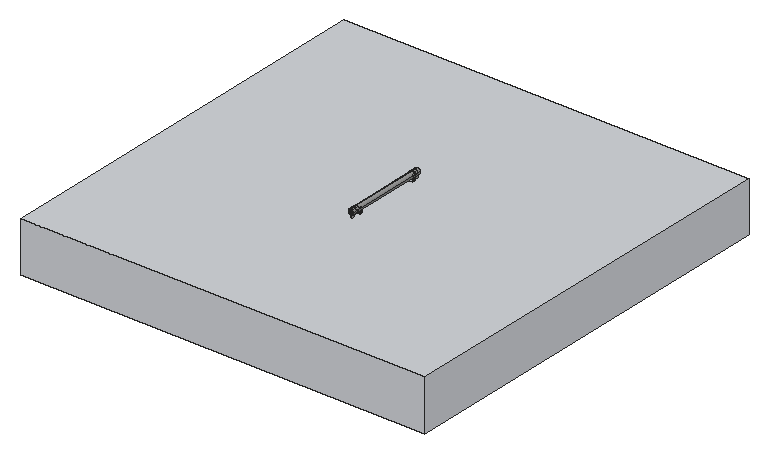
Revit family "L-line A 0.5", category Осветительные приборы, Revit 2017 (continued)
Types (6, lengths in mm): name | Wattage | built-in parameter 1150134 | Файл фотометрической сетки | built-in parameter 1150142 | built-in parameter 1150105 | Lumens | built-in parameter 1150107 | built-in parameter 1150106 | Артикул
  L-line A 0.5 3.0K Д (матовый) | 10.2934 W | (empty or 0) | "L-line A 0.5-14-D-3.0K-03.ies" | "IESNA:LM-63-1995\r\n[TEST]LEDEL\r\n[DATA]28.10.2017\r\n[MANUFAC]LEDEL\r\n[LUMCAT]L-line A 0.5/14/Д/3.0K/03\r\n[LUMINAIRE]Предназначен  для  архитектурной и декоративной  подсветки\r\n[LAMPCAT]LED\r\n[LAMP]OSRAM DURIS \r\nTILT=NONE\r\n\r\n\r\n1 1529  0.5525840260209  37 19 1 2 0.5 0.042 0.043\r\n\r\n1 1 14.4\r\n\r\n 0 2.5 5 7.5 10 12.5 15 17.5 20 22.5 25 27.5 30 32.5 35 37.5 40 42.5 45 47.5\r\n 50 52.5 55 57.5 60 62.5 65 67.5 70 72.5 75 77.5 80 82.5 85 87.5 90\r\n\r\n  0 10 20 30 40 50 60 70 80 90 100 110 120 130 140 150\r\n  160 170 180\r\n\r\n  819 818 817 812 806 800 789 778 765 751 734 717 699 679 658\r\n  637 616 591 568 544 521 496 469 446 421 396 372 347 324 300\r\n  277 257 234 216 195 177 160\r\n  819 819 817 812 810 803 795 787 775 765 754 740 726 711 696\r\n  679 663 643 626 607 586 567 548 529 511 491 469 446 422 400\r\n  378 355 337 317 299 281 263\r\n  808 806 806 803 797 792 784 776 765 755 742 729 714 700 683\r\n  667 649 630 611 591 570 551 528 509 487 468 447 425 403 384\r\n  362 343 321 303 283 264 248\r\n  800 800 797 795 789 784 774 764 755 743 729 715 700 681 665\r\n  647 629 609 586 566 547 526 507 484 466 444 422 402 381 360\r\n  338 319 299 280 263 244 229\r\n  811 811 809 804 799 793 783 773 762 748 734 719 702 685 666\r\n  644 625 602 582 560 536 515 492 466 445 421 400 378 354 333\r\n  312 292 271 251 232 215 198\r\n  819 818 817 812 806 800 789 778 765 751 734 717 699 679 658\r\n  637 616 591 568 544 521 496 469 446 421 396 372 347 324 300\r\n  277 257 234 216 195 177 160\r\n  820 819 818 812 806 800 789 778 764 748 732 714 693 674 652\r\n  629 606 578 556 528 502 477 450 422 395 368 340 313 288 263\r\n  238 214 192 172 151 135 118\r\n  822 821 820 815 809 800 789 777 762 747 729 710 690 667 645\r\n  621 595 567 540 514 485 459 429 402 371 344 313 283 255 226\r\n  200 175 151 128 108 91 76\r\n  825 821 820 815 809 800 788 775 761 745 727 706 685 663 639\r\n  614 588 561 533 504 471 438 410 378 348 317 288 255 224 193\r\n  163 133 107 84 64 46 35\r\n  820 821 818 814 806 797 786 774 759 743 723 705 685 659 636\r\n  610 584 557 527 500 469 441 412 381 351 319 287 253 217 185\r\n  152 120 90 63 39 22 14\r\n  825 822 819 812 805 796 785 771 754 737 720 700 679 655 630\r\n  606 578 552 525 496 469 438 410 379 347 316 285 252 222 189\r\n  159 129 103 80 60 42 31\r\n  822 821 817 811 806 796 786 773 756 739 722 701 682 659 635\r\n  611 586 559 533 504 477 448 419 390 360 330 300 271 241 216\r\n  188 162 138 118 99 83 66\r\n  820 819 815 810 803 795 784 771 756 740 723 707 688 665 642\r\n  619 597 572 545 518 493 466 438 411 383 355 329 301 274 250\r\n  225 203 181 161 141 126 109\r\n  819 818 814 810 803 795 786 773 759 746 731 714 694 674 655\r\n  633 611 587 563 540 515 488 463 437 412 386 362 338 313 289\r\n  267 247 225 206 187 169 152\r\n  811 811 806 802 795 788 779 770 756 743 729 713 696 677 658\r\n  638 617 595 573 550 528 504 480 458 433 411 387 364 343 320\r\n  299 279 258 240 222 203 186\r\n  800 800 800 795 787 780 773 765 756 741 723 708 693 677 658\r\n  641 619 599 579 558 536 515 493 472 452 429 408 386 367 345\r\n  324 306 288 267 249 231 215\r\n  808 807 805 803 797 789 783 774 764 753 739 727 712 697 680\r\n  660 642 623 604 584 562 541 521 499 477 455 435 413 393 373\r\n  353 332 313 292 274 257 240\r\n  819 819 817 812 810 803 795 786 774 763 753 739 726 708 693\r\n  675 658 641 620 601 583 562 540 519 499 477 454 435 413 390\r\n  370 349 329 311 294 274 256\r\n  819 818 814 810 803 795 786 773 759 746 731 714 694 674 655\r\n  633 611 587 563 540 515 488 463 437 412 386 362 338 313 289\r\n  267 247 225 206 187 169 152\r\n\r" | 121.67 (stored number, unit not read) | 1529 lm | 3000 (stored number, unit not read) | 1.2167 (stored number, unit not read) | "712101400833100"
  L-line A 0.5 4.0K Д (матовый) | 10.2934 W | 12 | "L-line A 0.5-14-D-4.0K-03.ies" | "IESNA:LM-63-1995\r\n[TEST]LEDEL\r\n[DATA]28.10.2017\r\n[MANUFAC]LEDEL\r\n[LUMCAT]L-line A 0.5/14/Д/3.0K/03\r\n[LUMINAIRE]Предназначен  для  архитектурной и декоративной  подсветки\r\n[LAMPCAT]LED\r\n[LAMP]OSRAM DURIS \r\nTILT=NONE\r\n\r\n\r\n1 1529  0.5525840260209  37 19 1 2 0.5 0.042 0.043\r\n\r\n1 1 14.4\r\n\r\n 0 2.5 5 7.5 10 12.5 15 17.5 20 22.5 25 27.5 30 32.5 35 37.5 40 42.5 45 47.5\r\n 50 52.5 55 57.5 60 62.5 65 67.5 70 72.5 75 77.5 80 82.5 85 87.5 90\r\n\r\n  0 10 20 30 40 50 60 70 80 90 100 110 120 130 140 150\r\n  160 170 180\r\n\r\n  819 818 817 812 806 800 789 778 765 751 734 717 699 679 658\r\n  637 616 591 568 544 521 496 469 446 421 396 372 347 324 300\r\n  277 257 234 216 195 177 160\r\n  819 819 817 812 810 803 795 787 775 765 754 740 726 711 696\r\n  679 663 643 626 607 586 567 548 529 511 491 469 446 422 400\r\n  378 355 337 317 299 281 263\r\n  808 806 806 803 797 792 784 776 765 755 742 729 714 700 683\r\n  667 649 630 611 591 570 551 528 509 487 468 447 425 403 384\r\n  362 343 321 303 283 264 248\r\n  800 800 797 795 789 784 774 764 755 743 729 715 700 681 665\r\n  647 629 609 586 566 547 526 507 484 466 444 422 402 381 360\r\n  338 319 299 280 263 244 229\r\n  811 811 809 804 799 793 783 773 762 748 734 719 702 685 666\r\n  644 625 602 582 560 536 515 492 466 445 421 400 378 354 333\r\n  312 292 271 251 232 215 198\r\n  819 818 817 812 806 800 789 778 765 751 734 717 699 679 658\r\n  637 616 591 568 544 521 496 469 446 421 396 372 347 324 300\r\n  277 257 234 216 195 177 160\r\n  820 819 818 812 806 800 789 778 764 748 732 714 693 674 652\r\n  629 606 578 556 528 502 477 450 422 395 368 340 313 288 263\r\n  238 214 192 172 151 135 118\r\n  822 821 820 815 809 800 789 777 762 747 729 710 690 667 645\r\n  621 595 567 540 514 485 459 429 402 371 344 313 283 255 226\r\n  200 175 151 128 108 91 76\r\n  825 821 820 815 809 800 788 775 761 745 727 706 685 663 639\r\n  614 588 561 533 504 471 438 410 378 348 317 288 255 224 193\r\n  163 133 107 84 64 46 35\r\n  820 821 818 814 806 797 786 774 759 743 723 705 685 659 636\r\n  610 584 557 527 500 469 441 412 381 351 319 287 253 217 185\r\n  152 120 90 63 39 22 14\r\n  825 822 819 812 805 796 785 771 754 737 720 700 679 655 630\r\n  606 578 552 525 496 469 438 410 379 347 316 285 252 222 189\r\n  159 129 103 80 60 42 31\r\n  822 821 817 811 806 796 786 773 756 739 722 701 682 659 635\r\n  611 586 559 533 504 477 448 419 390 360 330 300 271 241 216\r\n  188 162 138 118 99 83 66\r\n  820 819 815 810 803 795 784 771 756 740 723 707 688 665 642\r\n  619 597 572 545 518 493 466 438 411 383 355 329 301 274 250\r\n  225 203 181 161 141 126 109\r\n  819 818 814 810 803 795 786 773 759 746 731 714 694 674 655\r\n  633 611 587 563 540 515 488 463 437 412 386 362 338 313 289\r\n  267 247 225 206 187 169 152\r\n  811 811 806 802 795 788 779 770 756 743 729 713 696 677 658\r\n  638 617 595 573 550 528 504 480 458 433 411 387 364 343 320\r\n  299 279 258 240 222 203 186\r\n  800 800 800 795 787 780 773 765 756 741 723 708 693 677 658\r\n  641 619 599 579 558 536 515 493 472 452 429 408 386 367 345\r\n  324 306 288 267 249 231 215\r\n  808 807 805 803 797 789 783 774 764 753 739 727 712 697 680\r\n  660 642 623 604 584 562 541 521 499 477 455 435 413 393 373\r\n  353 332 313 292 274 257 240\r\n  819 819 817 812 810 803 795 786 774 763 753 739 726 708 693\r\n  675 658 641 620 601 583 562 540 519 499 477 454 435 413 390\r\n  370 349 329 311 294 274 256\r\n  819 818 814 810 803 795 786 773 759 746 731 714 694 674 655\r\n  633 611 587 563 540 515 488 463 437 412 386 362 338 313 289\r\n  267 247 225 206 187 169 152\r\n\r" | 121.67 (stored number, unit not read) | 1529 lm | 4000 (stored number, unit not read) | 1.2167 (stored number, unit not read) | "712101400843100"
  L-line A 0.5 5.0 Д (матовый) | 10.2934 W | 2 | "L-line A 0.5-14-D-5.0K-03.ies" | "IESNA:LM-63-1995\r\n[TEST]LEDEL\r\n[DATA]28.10.2017\r\n[MANUFAC]LEDEL\r\n[LUMCAT]L-line A 0.5/14/Д/5.0K/03\r\n[LUMINAIRE]Предназначен  для  архитектурной и декоративной  подсветки\r\n[LAMPCAT]LED\r\n[LAMP]OSRAM DURIS \r\nTILT=NONE\r\n\r\n\r\n1 1529  0.5525840260209  37 19 1 2 0.5 0.042 0.043\r\n\r\n1 1 14.4\r\n\r\n 0 2.5 5 7.5 10 12.5 15 17.5 20 22.5 25 27.5 30 32.5 35 37.5 40 42.5 45 47.5\r\n 50 52.5 55 57.5 60 62.5 65 67.5 70 72.5 75 77.5 80 82.5 85 87.5 90\r\n\r\n  0 10 20 30 40 50 60 70 80 90 100 110 120 130 140 150\r\n  160 170 180\r\n\r\n  819 818 817 812 806 800 789 778 765 751 734 717 699 679 658\r\n  637 616 591 568 544 521 496 469 446 421 396 372 347 324 300\r\n  277 257 234 216 195 177 160\r\n  819 819 817 812 810 803 795 787 775 765 754 740 726 711 696\r\n  679 663 643 626 607 586 567 548 529 511 491 469 446 422 400\r\n  378 355 337 317 299 281 263\r\n  808 806 806 803 797 792 784 776 765 755 742 729 714 700 683\r\n  667 649 630 611 591 570 551 528 509 487 468 447 425 403 384\r\n  362 343 321 303 283 264 248\r\n  800 800 797 795 789 784 774 764 755 743 729 715 700 681 665\r\n  647 629 609 586 566 547 526 507 484 466 444 422 402 381 360\r\n  338 319 299 280 263 244 229\r\n  811 811 809 804 799 793 783 773 762 748 734 719 702 685 666\r\n  644 625 602 582 560 536 515 492 466 445 421 400 378 354 333\r\n  312 292 271 251 232 215 198\r\n  819 818 817 812 806 800 789 778 765 751 734 717 699 679 658\r\n  637 616 591 568 544 521 496 469 446 421 396 372 347 324 300\r\n  277 257 234 216 195 177 160\r\n  820 819 818 812 806 800 789 778 764 748 732 714 693 674 652\r\n  629 606 578 556 528 502 477 450 422 395 368 340 313 288 263\r\n  238 214 192 172 151 135 118\r\n  822 821 820 815 809 800 789 777 762 747 729 710 690 667 645\r\n  621 595 567 540 514 485 459 429 402 371 344 313 283 255 226\r\n  200 175 151 128 108 91 76\r\n  825 821 820 815 809 800 788 775 761 745 727 706 685 663 639\r\n  614 588 561 533 504 471 438 410 378 348 317 288 255 224 193\r\n  163 133 107 84 64 46 35\r\n  820 821 818 814 806 797 786 774 759 743 723 705 685 659 636\r\n  610 584 557 527 500 469 441 412 381 351 319 287 253 217 185\r\n  152 120 90 63 39 22 14\r\n  825 822 819 812 805 796 785 771 754 737 720 700 679 655 630\r\n  606 578 552 525 496 469 438 410 379 347 316 285 252 222 189\r\n  159 129 103 80 60 42 31\r\n  822 821 817 811 806 796 786 773 756 739 722 701 682 659 635\r\n  611 586 559 533 504 477 448 419 390 360 330 300 271 241 216\r\n  188 162 138 118 99 83 66\r\n  820 819 815 810 803 795 784 771 756 740 723 707 688 665 642\r\n  619 597 572 545 518 493 466 438 411 383 355 329 301 274 250\r\n  225 203 181 161 141 126 109\r\n  819 818 814 810 803 795 786 773 759 746 731 714 694 674 655\r\n  633 611 587 563 540 515 488 463 437 412 386 362 338 313 289\r\n  267 247 225 206 187 169 152\r\n  811 811 806 802 795 788 779 770 756 743 729 713 696 677 658\r\n  638 617 595 573 550 528 504 480 458 433 411 387 364 343 320\r\n  299 279 258 240 222 203 186\r\n  800 800 800 795 787 780 773 765 756 741 723 708 693 677 658\r\n  641 619 599 579 558 536 515 493 472 452 429 408 386 367 345\r\n  324 306 288 267 249 231 215\r\n  808 807 805 803 797 789 783 774 764 753 739 727 712 697 680\r\n  660 642 623 604 584 562 541 521 499 477 455 435 413 393 373\r\n  353 332 313 292 274 257 240\r\n  819 819 817 812 810 803 795 786 774 763 753 739 726 708 693\r\n  675 658 641 620 601 583 562 540 519 499 477 454 435 413 390\r\n  370 349 329 311 294 274 256\r\n  819 818 814 810 803 795 786 773 759 746 731 714 694 674 655\r\n  633 611 587 563 540 515 488 463 437 412 386 362 338 313 289\r\n  267 247 225 206 187 169 152\r\n\r" | 121.67 (stored number, unit not read) | 1529 lm | 5000 (stored number, unit not read) | 1.2167 (stored number, unit not read) | "712101400853100"
